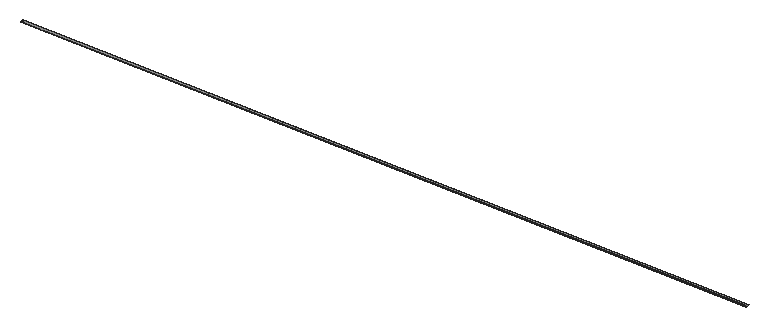
Revit family "LILIPUT_3000MM", category Lighting Fixtures, host Ceiling, Revit 2021
Family settings
  Host = Ceiling
  Round Connector Dimension = Use Diameter
  Part Type = Normal
  OmniClass Number = 23.80.70.11
  OmniClass Title = Luminaries for Internal Lighting
  Always vertical = Yes
  Cut with Voids When Loaded = No
  Light Source = Yes
  Shared = No
  Room Calculation Point = No
Parameters (values of type "Type 1")
  Wattage = 9.2903 W
  built-in parameter 1150110 = 1 (stored number, unit not read)
  Type de lampe = "Ruban LED"
  Type = "Profilé souple + capot diffusant"
  built-in parameter 1114217 = 1 (stored number, unit not read)
  built-in parameter 1150109 = 1 (stored number, unit not read)
  built-in parameter 1150134 = (empty or 0)
  built-in parameter 1150113 = 1 (stored number, unit not read)
  Matériau = "Aluminium anodisé/Polycarbonate"
  Lumens = 1380 lm
  built-in parameter 1150115 = 1 (stored number, unit not read)
  built-in parameter 1150105 = 439.27 (stored number, unit not read)
  Light Source Symbol Size = 609.6 mm
  built-in parameter 1150137 = (empty or 0)
  built-in parameter 1150139 = (empty or 0)
  built-in parameter 1150112 = 1 (stored number, unit not read)
  built-in parameter 1150114 = 1 (stored number, unit not read)
  built-in parameter 1150132 = 2
  built-in parameter 1150102 = (empty or 0)
  built-in parameter 1150138 = (empty or 0)
  built-in parameter 1150107 = 3000 (stored number, unit not read)
  built-in parameter 1150106 = 4.3927 (stored number, unit not read)
  Fintion = "Gris aluminium"
  Emit from Line Length = 609.6 mm
  built-in parameter 1150104 = 13.8 (stored number, unit not read)
  Driver = "Driver externe"
  Dimming Lamp Color Temperature Shift = <None>
  Dimensions = "11x4,5 mm, L : 3000 mm"
  Diffuseur = "Polycarbonate opale"
  Default Elevation = 0 mm
  Color Filter = 16777215
  built-in parameter 1114218 = 1 (stored number, unit not read)
  built-in parameter 1150133 = 10 (stored number, unit not read)
Reference planes
  plane 1 "Light Source Axis (F/B)": y = 0
  plane 2: z = 0
  plane 3 "Light Source Axis (L/R)": x = 0
  plane 4 "Ceiling": z = 4000
  plane 5 "Light Source Elevation": z = 3998.772
Forms (mm)
  Extrusion 1, solid, material "Aluminum, Anodized Grey"
    sketch origin (0, 0, 4000) x (0, 1, 0) y (-1, 0, 0)
      loop
        line (5.5, 1500) -> (-5.5, 1500) -> (-5.5, -1500) -> (5.5, -1500) -> (5.5, 1500)
    from 0 to -0.601
  Extrusion 2, solid, material "Glass, White, High Luminance"
    sketch origin (0, 0, 0) x (0, 1, 0) y (0, 0, 1)
      loop
        arc (-4.466, 3999.388) -> (0.015, 3997.576) -> (4.491, 3999.402) r 6.424
        arc (4.491, 3999.402) -> (0.014, 3998.236) -> (-4.466, 3999.388) r 9.231
    from -1500 to 1500
  Extrusion 3, solid, material "Aluminum, Anodized Grey"
    sketch origin (0, 0, 0) x (0, 1, 0) y (0, 0, 1)
      loop
        line (-5.164, 3999.399) -> (-5.164, 3998.265) -> (-4, 3998.265) -> (-4, 3999.399) -> (-5.164, 3999.399)
    from -1500 to 1500
  Extrusion 4, solid, material "Aluminum, Anodized Grey"
    sketch origin (0, 0, 0) x (0, -1, 0) y (0, 0, -1)
      loop
        line (-5.164, -3999.399) -> (-4, -3999.399) -> (-4, -3998.265) -> (-5.164, -3998.265) -> (-5.164, -3999.399)
    from -1500 to 1500
Lines and regions (mm)
  reference lines
    curve 1: line (0, 0, 4000) -> (1500, 0, 4000)
    curve 2: line (0, 0, 4000) -> (-1500, 0, 4000)
    curve 3: line (0, 0, 4000) -> (0, -5.5, 4000)
    curve 4: line (0, 0, 4000) -> (0, 5.5, 4000)
    curve 5: line (0, 0, 4000) -> (0, 0, 3995.5)
    curve 6: line (0, 0, 3999.147) -> (0, 4, 3999.147)
    curve 7: line (0, 0, 3999.147) -> (0, -4, 3999.147)
Dimensions and locks
  equal spacing: host sketch curve, plane 3 "Light Source Axis (L/R)", host sketch curve
  equal spacing: host sketch curve, plane 1 "Light Source Axis (F/B)", host sketch curve
  host sketch curve to host sketch curve = 4000 mm  (x2)
  plane 4 "Ceiling" to host ceiling = 0 mm
  aligned and locked: plane 1 "Light Source Axis (F/B)" to imposter light
  aligned and locked: plane 5 "Light Source Elevation" to imposter light
